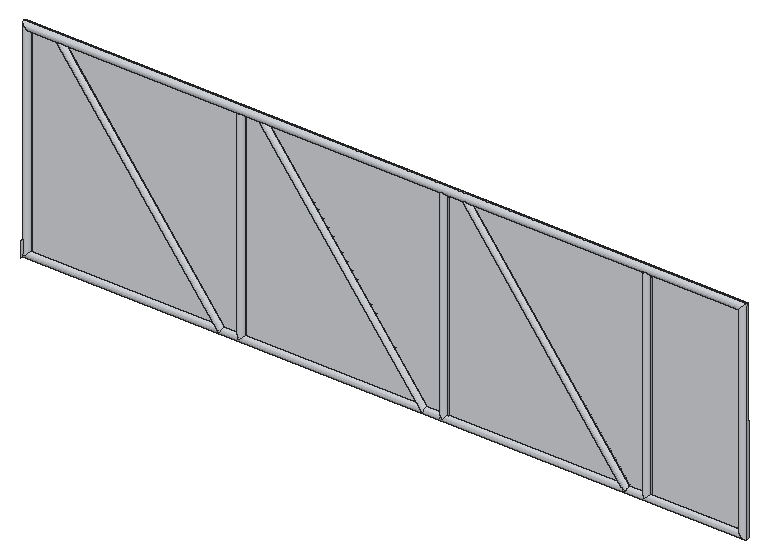
Revit family "Barrier_Gate_AutoGate_Chainlink", category Generic Models, Revit 2015
Parameters (values of type "Size as Specified")
  designwidths [instance] = (Unit Width + Additional Barrier Width_Operator Side - 0' 4" - 2' 3") / (Number of Inner Design Repeats)  # 4' - 6.66667"
  designheights [instance] = Unit Height - 0' 1 1/2"  # 4' - 10 1/2"
  Warranty Duration (Years) = 0
  Unit Width [instance] = 16' - 0"
  Unit Height [instance] = 5' - 0"
  URL = "http://autogate.com/"
  Specification = "http://www.arcat.com/sdspecs/htm04/32_31_00saf.htm"
  SpecWizard = ""
  Space Below Gate [instance] = 0' - 3"
  Send Message = ""
  Sales Information = "http://autogate.com/about-us/contact/"
  Revision = "R1_2016-11"
  Product Properties = ""
  Product Data = "http://www.arcat.com/arcatcos/cos48/arc48891.html"
  Number of Inner Design Repeats = 3
  Model = "Chain Link"
  Maximum Size = "as Specified"
  Mass Interior Design Shape Visible [instance] = yes
  Manufacturer Website = "http://autogate.com/"
  Manufacturer Phone - Toll Free = "800-944-4283"
  Manufacturer Phone = "419-588-2796"
  Manufacturer Fax = "419-588-3514"
  Manufacturer Address = "7306 Driver Rd.  P. O. Box 50  Berlin Heights, OH 44814"
  Manufacturer = "AutoGate, Inc"
  Maintenance Schedule (Months) = 0
  Keynote = ""
  Interior Finish [instance] = none
  Installation-Fabrication = ""
  Installation Phase = ""
  Green Building-LEED = ""
  Frame Finish [instance] = none
  Expected Lifespan (Years) = 0
  Drawn By = "Sumex Design, Inc. / Robert S. Weygant, CSI, CDT, SCIP"
  Description = "AutoGate Chain Link Gate as Specified"
  Default Elevation = 0' - 0"
  Copyright = "©Arcat Inc."
  Construction Details = "http://www.arcat.com/details/autogate/autogate.html?coid=48891"
  Decorative Channel Height = 0' - 0"  # constant formula
  Bottom Rail Height [instance] = 0' - 2"  # constant formula
  Assembly Code = ""
  Adjust Diagonal UpDown [instance] = 0' - 0"
  Adjust Diagonal Left Right [instance] = 0' - 6"
  Additional Barrier Width_Operator Side [instance] = 0' - 3"
  Additional Barrier Width_Non Operator Side [instance] = 0' - 0 1/4"
Reference planes (in)
  plane 1 "Center (Front/Back)": y = 0
  plane 2 "Bottom": z = 0
  plane 3 "Center (Left/Right)": x = 0
  plane 4 "Front": y = -1
  plane 5 "Back": y = 1
  plane 6 "Left": x = -96
  plane 7 "Right": x = 96
  plane 8 "Top": z = 60
  plane 9: z = 3
  plane 10: z = 5
  plane 11: x = 99
  plane 12: x = -96.25
  plane 13: z = 4
  plane 14: z = 60
  plane 15: x = -95
  plane 16: x = 98
Forms (in)
  Extrusion 1, solid
    sketch origin (-96, 16.34522, 48) x (0, 1, 0) y (0, 0, 1)
      loop
        line (-17.34522, -45) -> (-15.34522, -45) -> (-15.34522, -41) -> (-17.34522, -41) -> (-17.34522, -45)
    from 0 to -0.25
  Extrusion 2, solid, material <- "Interior Finish", visible <- "Mass Interior Design Shape Visible"
    sketch origin (0, 0, 0) x (1, 0, 0) y (0, 0, 1)
      loop
        line (-94, 58) -> (-94, 5) -> (97, 5) -> (97, 58) -> (-94, 58)
    from -0.125 to 0.125
  Sweep 3, solid, material <- "Frame Finish"
    path origin (0, 0, 0) x (1, 0, 0) y (0, 0, 1)
      loop
        line (-96, 60) -> (-96, 3) -> (99, 3) -> (99, 60) -> (-96, 60)
    profile origin (1.5, 0, 60) x (0, 0, 1) y (0, -1, 0)
      loop
        circle (-1, 0) r 1
Dimensions and locks (in)
  equal spacing: plane 6 "Left", plane 3 "Center (Left/Right)", plane 7 "Right"
  "Unit Width": plane 6 "Left" to plane 7 "Right"
  equal spacing: plane 5 "Back", plane 1 "Center (Front/Back)", plane 4 "Front"
  "Bottom Rail Height": plane 5 "Back" to plane 4 "Front"
  "Unit Height": plane 8 "Top" to level
  "Space Below Gate": plane 9 to level
  "Bottom Rail Height": plane 10 to plane 9
  "Additional Barrier Width_Non Operator Side": plane 6 "Left" to plane 12
  "Additional Barrier Width_Operator Side": plane 11 to plane 7 "Right"
  "Bottom Rail Height": Extrusion 1 sketch curve to plane 10
  Extrusion 1 sketch curve to plane 1 "Center (Front/Back)" to Extrusion 1 sketch curve = 0' - 1" locked, 0' - 1" locked
  equal spacing: plane 10, plane 13, plane 9
  "Decorative Channel Height": plane 8 "Top" to plane 14
  locked: plane 11 to Extrusion 2 sketch curve at 2
  locked: plane 14 to Extrusion 2 sketch curve at 2
  locked: Extrusion 2 sketch curve to plane 6 "Left" at 2
  locked: plane 11 to plane 16 at 1
  locked: plane 15 to plane 6 "Left" at 1
  locked: plane 14 to Sweep 3 sketch curve at 1
  locked: plane 11 to nested 1 at 27
  equal spacing: group 3, group 2, group 1
  equal spacing: group 1, group 2, group 3  (x2)
  "designwidths": nested 2 to nested 1
  aligned and locked: Extrusion 2 sketch curve to plane 10
  aligned and locked: nested 1 to level
  aligned and locked: Sweep 3 sketch curve to plane 9
  aligned and locked: Sweep 3 sketch curve to plane 11
  aligned and locked: Sweep 3 sketch curve to plane 14
  aligned and locked: plane 6 "Left" to Sweep 3 sketch curve
Automatic sketch dimensions
  Sweep 3 sketch curve to plane 1 "Center (Front/Back)" = 0' - 0"
  Extrusion 1 sketch curve to plane 9 = 0' - 0"
  radius of Sweep 3 sketch curve = 0' - 1"
Nested families (in)
  nested 1: "DesignRepeat" at (72, 0, 0) x (-1, 0, 0) z (0, 0, 1), height <- "designheights", finish <- "Frame Finish", set width <- "designwidths", visible <- "Mass Interior Design Shape Visible", spacing <- "designwidths", channel height <- "Decorative Channel Height", bottom rail height <- "Bottom Rail Height", space below <- "Space Below Gate", adjustdiagonalud <- "Adjust Diagonal UpDown", adjustdiagonalLR <- "Adjust Diagonal Left Right", type "DesignRepeat"
    with spacing 4' - 6.66667", space below 0' - 3", set width 4' - 6.66667", height 4' - 10 1/2", finish none, channel height 0' - 0", bottom rail height 0' - 2", adjustdiagonalud 0' - 0", adjustdiagonalLR 0' - 6"
  nested 2: "DesignRepeat" at (17.33333, 0, 0) x (-1, 0, 0) z (0, 0, 1), height <- "designheights", finish <- "Frame Finish", set width <- "designwidths", visible <- "Mass Interior Design Shape Visible", spacing <- "designwidths", channel height <- "Decorative Channel Height", bottom rail height <- "Bottom Rail Height", space below <- "Space Below Gate", adjustdiagonalud <- "Adjust Diagonal UpDown", adjustdiagonalLR <- "Adjust Diagonal Left Right", type "DesignRepeat"
    with spacing 4' - 6.66667", space below 0' - 3", set width 4' - 6.66667", height 4' - 10 1/2", finish none, channel height 0' - 0", bottom rail height 0' - 2", adjustdiagonalud 0' - 0", adjustdiagonalLR 0' - 6"
  nested 3: "DesignRepeat" at (-37.33333, 0, 0) x (-1, 0, 0) z (0, 0, 1), height <- "designheights", finish <- "Frame Finish", set width <- "designwidths", visible <- "Mass Interior Design Shape Visible", spacing <- "designwidths", channel height <- "Decorative Channel Height", bottom rail height <- "Bottom Rail Height", space below <- "Space Below Gate", adjustdiagonalud <- "Adjust Diagonal UpDown", adjustdiagonalLR <- "Adjust Diagonal Left Right", type "DesignRepeat"
    with spacing 4' - 6.66667", space below 0' - 3", set width 4' - 6.66667", height 4' - 10 1/2", finish none, channel height 0' - 0", bottom rail height 0' - 2", adjustdiagonalud 0' - 0", adjustdiagonalLR 0' - 6"
Definition of nested family "DesignRepeat"
  Parameters
    spacing [instance] = 4' - 0"
    space below [instance] = 0' - 3"
    set width [instance] = 2' - 8"
    height [instance] = 4' - 0.69378"
    finish [instance] = none
    channel height [instance] = 0' - 8"
    bottom rail height [instance] = 0' - 2"
    adjustdiagonalud [instance] = 0' - 0"
    adjustdiagonalLR [instance] = 0' - 6"
    Default Elevation = 4' - 0"
    Assembly Code = ""
  Reference planes (in)
    plane 1 "Center (Front/Back)": y = 0
    plane 2: z = 0
    plane 3 "Center (Left/Right)": x = 0
    plane 4: z = 3
    plane 5: z = 5
    plane 6: z = 48.69378
    plane 7: x = 42
    plane 8: x = 6
    plane 9: x = 48
    plane 10: z = 4
    plane 11: z = 5
  Forms (in)
    Sweep 1, solid, material <- "finish"
      path origin (6, 0, 5) x (0.635885, 0, 0.771784) y (-0.771784, 0, 0.635885)
        loop
          line (-1.49023, 0) -> (46.24842, 0)
      profile origin (20.23053, 0, 22.27182) x (-0.771784, 0, 0.635885) y (0, -1, 0)
        loop
          circle (0, 0) r 1
    Extrusion 2, solid, material <- "finish"
      sketch origin (0, 0, 0) x (1, 0, 0) y (0, 1, 0)
        loop
          circle (0, 0) r 1
      from 4 to 48.69378
  Lines and regions (in)
    reference lines
      curve 1: line (6, 0, 5) -> (42, 0, 48.69378)
  Dimensions and locks (in)
    "height": plane 6 to level
    "bottom rail height": plane 5 to plane 4
    "adjustdiagonalLR": plane 8 to plane 3 "Center (Left/Right)"
    locked: plane 9 to plane 7 at 6
    "spacing": plane 9 to plane 3 "Center (Left/Right)"
    locked: Extrusion 2 sketch curve to plane 3 "Center (Left/Right)" at 0
    locked: Extrusion 2 sketch curve to plane 1 "Center (Front/Back)"
    equal spacing: plane 5, plane 10, plane 4
    "space below": plane 4 to level
    "channel height": plane 6 to Sweep 1 sketch curve
    "adjustdiagonalud": plane 11 to plane 5
    locked: curve 1 to Sweep 1 sketch curve at 1.49023
    aligned and locked: plane 2 to level
    aligned and locked: curve 1 to plane 6
    aligned and locked: plane 7 to curve 1
    aligned and locked: Sweep 1 sketch curve to curve 1
    aligned and locked: plane 6 to Extrusion 2
    aligned and locked: Extrusion 2 to plane 10
    aligned and locked: plane 8 to curve 1
    aligned and locked: plane 11 to curve 1
  Automatic sketch dimensions
    plane 1 "Center (Front/Back)" to Sweep 1 sketch curve = 0' - 0"
    Sweep 1 sketch curve to profile plane = 0' - 0"
    Extrusion 2 sketch curve to Extrusion 2 sketch curve = 0' - 1"
    radius of Sweep 1 sketch curve = 0' - 1"
